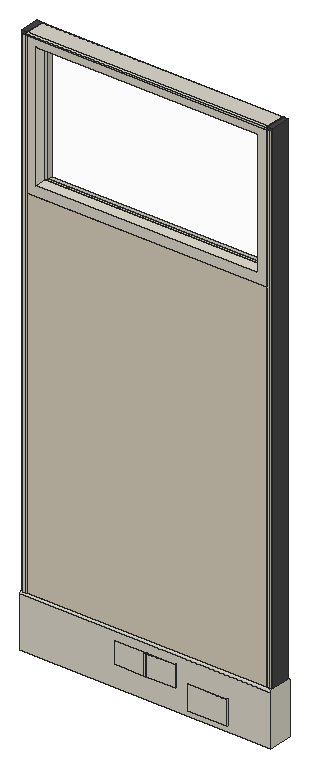
Revit family
Parameters (values of type "53"H x 24"W-G")
  Voltage = 0 V
  URL = "http://www.hermanmiller.com/"
  Trim/Top Cap Finish [instance] = Herman Miller - Finish WL Sandstone
  Top Cap Thickness = 0' - 0 1/4"  # constant formula
  Tag = "53/24G"
  Surface Finish [instance] = Herman Miller - System Fabric 2I03 Grasscloth Sedge
  Socket Visibility Interior Right [instance] = yes
  Socket Visibility Interior Left [instance] = yes
  Socket Visibility Exterior Right [instance] = yes
  Socket Visibility Exterior Left [instance] = yes
  Product Documentation Link = "http://www.hermanmiller.com/actionoffice/"
  Powered = yes
  Power Factor = 1
  Panel Width = 2' - 0"
  Panel Height = 4' - 5"
  OmniClass Title = "Systems Furniture"  # constant formula
  OmniClass Number = "23.40.70.14.64.21"  # constant formula
  Number of Poles = 1
  Trim Thickness = 0' - 0 1/4"  # constant formula
  Panel Thickness = 0' - 2"  # constant formula
  Model Name On [instance] = yes
  Model = "A8164.5324G"
  Manufacturer = "Herman Miller, Inc."  # constant formula
  Glide Height [instance] = 0' - 0 3/8"
  Keynote = ""
  Glass Finish [instance] = Herman Miller - Glass TR Clear
  Electrical Socket Location = 0' - 11 233/256"
  Electrical Connector = yes
  Description = "Panel Partial-Glazed Thin Base 4-Circ W/Rcp & Com Pt Lc 53H 24W"
  Copyright © = "Copyright © Herman Miller, Inc."  # constant formula
  Connector Description = "Electrical Connector Enabled"
  Communication Socket Location = 0' - 4 1/8"
  Communication Port Exterior [instance] = yes
  Communication Port Interior [instance] = yes
  Catalog = "Action Office System (HAO)"  # constant formula
  Cable Management Thickness = Panel Thickness + 0' 0 1/4"  # 0' - 2 1/4"
  Cable Management Finish [instance] = Herman Miller - Finish WL Sandstone
  Assembly Code = "E2020200"
  Apparent Load = 0 VA
Reference planes (in)
  plane 1 "Panel Center (Front/Back)": y = 0
  plane 2 "Base Bottom": z = 0
  plane 3 "Panel Center (Left/Right)": x = 0
  plane 4 "Left": x = -12
  plane 5 "Right": x = 12
  plane 6 "Cable Management Back": y = 1.125
  plane 7 "Cable Management Front": y = -1.125
  plane 8 "Panel Top": z = 53.375
  plane 9 "Base Top": z = 5.375
  plane 10 "Base Curve Bottom": z = 4.875
  plane 11 "Panel Trim Back": y = 1
  plane 12 "Panel Trim Front": y = -1
  plane 13 "Top Cap Thickness": z = 53.125
  plane 14 "Panel Left": x = -11.75
  plane 15 "Panel Right": x = 11.75
  plane 16 "Panel Front": y = -0.875
  plane 17 "Panel Back": y = 0.875
  plane 18 "Left Socket Right": x = 2.91016
  plane 19 "Right Socket Left": x = -2.91016
  plane 20 "Right Socket Right": x = 0.08984
  plane 21 "Left Socket Left": x = -0.08984
  plane 22 "Socket Bottom": z = 2.375
  plane 23 "Socket Top": z = 4.375
  plane 24 "Electrical Socket Front": y = -1.1875
  plane 25 "Electrical Socket Back": y = 1.1875
  plane 26 "Material Top": z = 39.5
  plane 27 "Electrical Socket Left Middle": x = 1.41016
  plane 28 "Electrical Socket Right Middle": x = -1.41016
  plane 29 "Glide Space": z = 0.375
  plane 30 "Left Glide Center (Left/Right)": x = -10.25
  plane 31 "Left Glide Left": x = -10.75
  plane 32 "Left Glide Right": x = -9.75
  plane 33 "Left Glide Inset Left": x = -10.5
  plane 34 "Left Glide Inset Right": x = -10
  plane 35 "Right Glide (Center Left/Right)": x = 10.25
  plane 36 "Right Glide Right": x = 10.75
  plane 37 "Right Glide Left": x = 9.75
  plane 38 "Right Glide Right Inset": x = 10.5
  plane 39 "Right Glide Left Inset": x = 10
  plane 40 "Glide Back": y = 0.5
  plane 41 "Glide Back Inset": y = 0.25
  plane 42 "Glide Front Inset": y = -0.25
  plane 43 "Glide Front": y = -0.5
  plane 44 "Reveal Left": x = -11.5
  plane 45 "Reveal Right": x = 11.5
  plane 46 "Reveal Back": y = 0.9375
  plane 47 "Reveal Front": y = -0.9375
  plane 48 "Panel Trim Right": x = 11.8125
  plane 49 "Panel Trim Left": x = -11.8125
  plane 50 "Communication Port (Front/Left)": x = -7.875
  plane 51 "Communication Port (Front/Right)": x = -4.125
  plane 52 "Communication Port (Back/Right)": x = 7.875
  plane 53 "Communication Port (Back/Left)": x = 4.125
  plane 54 "Glide Inset": z = 0.1875
  plane 55 "Glide Top": z = 4.375
  plane 56 "Communication Bottom": z = 0.875
  plane 57 "Communication Top": z = 3.125
  plane 58 "Tag Bottom": y = 1.875
  plane 59 "Glaze Frame Bottom": z = 40.5
  plane 60 "Glaze Bottom": z = 40.75
  plane 61 "Window Bottom Ledge": z = 39.625
  plane 62 "Glaze Top": z = 52.1875
  plane 63 "Glaze Frame Top": z = 52.4375
  plane 64 "Glaze Right": x = 10.37512
  plane 65 "Glaze Frame Right": x = 10.625
  plane 66 "Glaze Left": x = -10.37484
  plane 67 "Glaze Frame Left": x = -10.62472
  plane 68 "Top Cap Bottom": z = 53.3125
  plane 69 "Glaze Front": y = -0.14038
  plane 70 "Glaze Back": y = 0.14038
  plane 71 "Glaze Symbol Back": y = 4.91007
  plane 72 "Glaze Symbol Front": y = -4.94653
  plane 73 "Glaze Symbol Left": x = -5.3033
  plane 74 "Glaze Symbol Right": x = 5.3033
  plane 75: z = 5.15625
Forms (in)
  Extrusion 1, solid, material "Herman Miller - System Fabric 2I03 Grasscloth Sedge" <- "Surface Finish"
    sketch origin (0, 0, 0) x (0, 1, 0) y (0, 0, 1)
      loop
        line (-0.9375, 5.375) -> (0.9375, 5.375) -> (0.9375, 39.625) -> (-0.9375, 39.625) -> (-0.9375, 5.375)
    from -11.5 to 11.5
  Extrusion 2, solid, material "Herman Miller - Finish WL Sandstone" <- "Cable Management Finish"
    sketch origin (0, 0, 0) x (0, 1, 0) y (0, 0, 1)
      loop
        line (-1.125, 0.375) -> (1.125, 0.375) -> (1.125, 5.15625)
        arc (1.125, 5.15625) -> (1.06093, 5.31093) -> (0.90625, 5.375) r 0.21875
        line (0.90625, 5.375) -> (-0.90625, 5.375)
        arc (-0.90625, 5.375) -> (-1.06093, 5.31093) -> (-1.125, 5.15625) r 0.21875
        line (-1.125, 5.15625) -> (-1.125, 0.375)
    from -12 to 12
  Extrusion 3, solid, material "Herman Miller - Finish WL Sandstone" <- "Cable Management Finish", visible <- "Socket Visibility Interior Right", detail levels fine
    sketch origin (12, 0, 0) x (0, -1, 0) y (0, 0, -1)
      loop
        line (1.125, -2.375) -> (1.125, -4.375) -> (1.1875, -4.375) -> (1.1875, -2.375) -> (1.125, -2.375)
    from -12.08984 to -9.08984
  Extrusion 4, solid, material "Herman Miller - Finish WL Sandstone" <- "Cable Management Finish", visible <- "Socket Visibility Interior Left", detail levels fine
    sketch origin (0.08984, 0, 0) x (0, -1, 0) y (0, 0, -1)
      loop
        line (1.125, -4.375) -> (1.1875, -4.375) -> (1.1875, -2.375) -> (1.125, -2.375) -> (1.125, -4.375)
    from -3 to 0
  Extrusion 5, solid, material "Herman Miller - Finish WL Sandstone" <- "Cable Management Finish", visible <- "Socket Visibility Exterior Left", detail levels fine
    sketch origin (12, 0, 0) x (0, -1, 0) y (0, 0, -1)
      loop
        line (-1.1875, -4.375) -> (-1.125, -4.375) -> (-1.125, -2.375) -> (-1.1875, -2.375) -> (-1.1875, -4.375)
    from -12.08984 to -9.08984
  Extrusion 6, solid, material "Herman Miller - Finish WL Sandstone" <- "Cable Management Finish", visible <- "Socket Visibility Exterior Right", detail levels fine
    sketch origin (12, 0, 0) x (0, -1, 0) y (0, 0, -1)
      loop
        line (-1.125, -4.375) -> (-1.125, -2.375) -> (-1.1875, -2.375) -> (-1.1875, -4.375) -> (-1.125, -4.375)
    from -14.91016 to -11.91016
  Extrusion 7, solid, material "Herman Miller - Finish WL Sandstone" <- "Trim/Top Cap Finish"
    sketch origin (12, 0, 0) x (0, -1, 0) y (0, 0, -1)
      loop
        arc (0.875, -53.375) -> (0.96339, -53.33839) -> (1, -53.25) r 0.125
        line (1, -53.25) -> (1, -53.125) -> (-1, -53.125) -> (-1, -53.25)
        arc (-1, -53.25) -> (-0.96339, -53.33839) -> (-0.875, -53.375) r 0.125
        line (-0.875, -53.375) -> (0.875, -53.375)
    from -23.5 to -0.5
  Extrusion 8, solid, material "Herman Miller - Finish WL Sandstone" <- "Trim/Top Cap Finish", detail levels fine
    sketch origin (0, 0, 53.125) x (-1, 0, 0) y (0, -1, 0)
      loop
        line (11.8125, -1) -> (11.8125, -0.9375) -> (11.5, -0.9375) -> (11.5, -1) -> (11.8125, -1)
      loop
        line (11.8125, 1) -> (11.5, 1) -> (11.5, 0.9375) -> (11.8125, 0.9375) -> (11.8125, 1)
      loop
        line (-11.8125, -1) -> (-11.5, -1) -> (-11.5, -0.9375) -> (-11.8125, -0.9375) -> (-11.8125, -1)
      loop
        line (-11.5, 0.9375) -> (-11.5, 1) -> (-11.8125, 1) -> (-11.8125, 0.9375) -> (-11.5, 0.9375)
    from -47.75 to 0
  Extrusion 9, solid, material "Herman Miller - Finish BK Black"
    sketch origin (0, -0.21306, 53.125) x (-1, 0, 0) y (0, -1, 0)
      loop
        line (12, 0.72444) -> (11.5, 0.72444) -> (11.5, -1.15056) -> (12, -1.15056) -> (12, 0.72444)
      loop
        line (-11.5, -1.15056) -> (-11.5, 0.72444) -> (-12, 0.72444) -> (-12, -1.15056) -> (-11.5, -1.15056)
    from -47.75 to 0.25
  Revolve 10, solid, material "Herman Miller - Finish WL Sandstone" <- "Trim/Top Cap Finish", detail levels fine
    sketch origin (0, 0, 0) x (1, 0, 0) y (0, 0, 1)
      loop
        line (-10.25, 0) -> (-9.75, 0) -> (-9.75, 0.1875) -> (-10, 0.1875) -> (-10, 4.375) -> (-10.25, 4.375) -> (-10.25, 0)
      axis (-10.25, 4.375) -> (-10.25, 0)
    angle from 0 to 360
  Revolve 11, solid, material "Herman Miller - Finish WL Sandstone" <- "Trim/Top Cap Finish", detail levels fine
    sketch origin (0, 0, 0) x (1, 0, 0) y (0, 0, 1)
      loop
        line (10.25, 0) -> (10.75, 0) -> (10.75, 0.1875) -> (10.5, 0.1875) -> (10.5, 4.375) -> (10.25, 4.375) -> (10.25, 0)
      axis (10.25, 4.375) -> (10.25, 0)
    angle from 0 to 360
  Extrusion 12, solid, material "Herman Miller - Finish WL Sandstone" <- "Cable Management Finish", visible <- "Communication Port Interior", detail levels fine
    sketch origin (0, 0, 0) x (1, 0, 0) y (0, 0, 1)
      loop
        line (4.125, 3.125) -> (4.125, 0.875) -> (7.875, 0.875) -> (7.875, 3.125) -> (4.125, 3.125)
    from 1.125 to 1.1875
  Extrusion 13, solid, material "Herman Miller - Finish WL Sandstone" <- "Cable Management Finish", visible <- "Communication Port Exterior", detail levels fine
    sketch origin (0, 0, 0) x (1, 0, 0) y (0, 0, 1)
      loop
        line (-7.875, 0.875) -> (-4.125, 0.875) -> (-4.125, 3.125) -> (-7.875, 3.125) -> (-7.875, 0.875)
    from -1.1875 to -1.125
  Sweep 14, solid, material "Herman Miller - Finish WL Sandstone" <- "Trim/Top Cap Finish", detail levels medium+fine
    path origin (0, 0, 0) x (1, 0, 0) y (0, 0, 1)
      loop
        line (-10.37484, 40.75) -> (10.37512, 40.75) -> (10.37512, 52.1875) -> (-10.37484, 52.1875) -> (-10.37484, 40.75)
    profile origin (0.00014, 0, 40.75) x (0, 0, 1) y (0, -1, 0)
      loop
        line (0, 0.14038) -> (-0.25004, 0.9375) -> (-1.125, 0.9375) -> (-1.125, -0.9375) -> (-0.25004, -0.9375) -> (0, -0.14038) -> (0, 0.14038)
  Extrusion 15, solid, material "Herman Miller - Glass TR Clear" <- "Glass Finish", detail levels medium+fine
    sketch origin (0, 0, 0) x (0, 1, 0) y (0, 0, 1)
      loop
        line (0.14038, 40.75) -> (0.14038, 52.1875) -> (-0.14038, 52.1875) -> (-0.14038, 40.75) -> (0.14038, 40.75)
    from -10.37484 to 10.37512
Lines and regions (in)
  Masking region 1, detail levels medium+fine
    outline origin (0, 0, 5.375) x (-1, 0, 0) y (0, -1, 0)
      loop
        line (12, -1.125) -> (12, 1.125) -> (-12, 1.125) -> (-12, -1.125) -> (12, -1.125)
  Masking region 2
    outline origin (0, 0, 0) x (1, 0, 0) y (0, 0, 1)
      loop
        line (-12, 53.375) -> (-12, 0.375) -> (12, 0.375) -> (12, 53.375) -> (-12, 53.375)
      loop
        line (10.37512, 40.75) -> (10.37512, 52.1875) -> (-10.37484, 52.1875) -> (-10.37484, 40.75) -> (10.37512, 40.75)
  Masking region 3
    outline origin (0, 0, 0) x (0, 1, 0) y (0, 0, 1)
      loop
        line (-1, 5.375) -> (-0.90625, 5.375)
        arc (-0.90625, 5.375) -> (-1.06093, 5.31093) -> (-1.125, 5.15625) r 0.21875
        line (-1.125, 5.15625) -> (-1.125, 0.375) -> (1.125, 0.375) -> (1.125, 5.15625)
        arc (1.125, 5.15625) -> (1.06093, 5.31093) -> (0.90625, 5.375) r 0.21875
        line (0.90625, 5.375) -> (1, 5.375) -> (1, 53.25)
        arc (1, 53.25) -> (0.96339, 53.33839) -> (0.875, 53.375) r 0.125
        line (0.875, 53.375) -> (-0.875, 53.375)
        arc (-0.875, 53.375) -> (-0.96339, 53.33839) -> (-1, 53.25) r 0.125
        line (-1, 53.25) -> (-1, 5.375)
  Masking region 4, detail levels fine
    outline origin (0, 0, 0) x (1, 0, 0) y (0, 0, 1)
      loop
        line (-10.75, 0.1875) -> (-10.75, 0) -> (-9.75, 0) -> (-9.75, 0.1875) -> (-10, 0.1875) -> (-10, 0.875) -> (-10.5, 0.875) -> (-10.5, 0.1875) -> (-10.75, 0.1875)
      loop
        line (9.75, 0) -> (10.75, 0) -> (10.75, 0.1875) -> (10.5, 0.1875) -> (10.5, 0.875) -> (10, 0.875) -> (10, 0.1875) -> (9.75, 0.1875) -> (9.75, 0)
  Masking region 5, detail levels fine
    outline origin (0, 0, 0) x (0, 1, 0) y (0, 0, 1)
      loop
        line (0.5, 0.1875) -> (0.25, 0.1875) -> (0.25, 0.875) -> (-0.25, 0.875) -> (-0.25, 0.1875) -> (-0.5, 0.1875) -> (-0.5, 0) -> (0.5, 0) -> (0.5, 0.1875)
  Masking region 6, visible <- "Communication Port Interior", detail levels fine
    outline origin (0, -1.1875, 0) x (-1, 0, 0) y (0, 0, 1)
      loop
        line (-4.125, 3.125) -> (-7.875, 3.125) -> (-7.875, 0.875) -> (-4.125, 0.875) -> (-4.125, 3.125)
  Masking region 7, visible <- "Communication Port Exterior", detail levels fine
    outline origin (0, 1.1875, 0) x (-1, 0, 0) y (0, 0, 1)
      loop
        line (7.875, 3.125) -> (4.125, 3.125) -> (4.125, 0.875) -> (7.875, 0.875) -> (7.875, 3.125)
  Masking region 8, visible <- "Socket Visibility Exterior Right", detail levels fine
    outline origin (0, 1.1875, 0) x (-1, 0, 0) y (0, 0, 1)
      loop
        line (2.91016, 2.375) -> (2.91016, 4.375) -> (-0.08984, 4.375) -> (-0.08984, 2.375) -> (2.91016, 2.375)
  Masking region 9, visible <- "Socket Visibility Interior Right", detail levels fine
    outline origin (0, -1.1875, 0) x (-1, 0, 0) y (0, 0, 1)
      loop
        line (0.08984, 2.375) -> (0.08984, 4.375) -> (-2.91016, 4.375) -> (-2.91016, 2.375) -> (0.08984, 2.375)
  Masking region 10
    outline origin (0, 0, 53.125) x (-1, 0, 0) y (0, -1, 0)
      loop
        line (12, -1) -> (12, 1) -> (-12, 1) -> (-12, -1) -> (12, -1)
  Masking region 11, visible <- "Socket Visibility Interior Left", detail levels fine
    outline origin (0, -1.1875, 0) x (-1, 0, 0) y (0, 0, 1)
      loop
        line (2.91016, 4.375) -> (-0.08984, 4.375) -> (-0.08984, 2.375) -> (2.91016, 2.375) -> (2.91016, 4.375)
  Masking region 12, visible <- "Socket Visibility Exterior Left", detail levels fine
    outline origin (0, 1.1875, 0) x (-1, 0, 0) y (0, 0, 1)
      loop
        line (-2.91016, 4.375) -> (-2.91016, 2.375) -> (0.08984, 2.375) -> (0.08984, 4.375) -> (-2.91016, 4.375)
  symbolic lines, style "Hard-SurfacedPanel", detail levels medium+fine
    curve 1: line (-12, 1, 53.125) -> (12, 1, 53.125)
    curve 2: line (-12, -1, 53.125) -> (12, -1, 53.125)
    curve 3: line (12, -1, 5.375) -> (12, 1, 5.375)
    curve 7: line (-12, 0, 5.375) -> (12, 0, 5.375)
    curve 10: line (-11.5, 0, 53.125) -> (11.5, 0, 53.125)
    curve 12: line (0, 0.875, 5.375) -> (0, 0.875, 53.375)
    curve 13: line (0, -0.875, 53.375) -> (0, -0.875, 5.375)
    curve 19: line (-12, 1, 5.375) -> (-12, 1.125, 5.375)
    curve 20: line (-12, -1.125, 5.375) -> (-12, -1, 5.375)
    curve 21: line (12, 1, 5.375) -> (12, 1.125, 5.375)
    curve 22: line (12, -1.125, 5.375) -> (12, -1, 5.375)
    curve 26: line (-10.62472, 0, 40.5) -> (-10.62472, 0, 52.4375)
    curve 27: line (10.625, 0, 40.5) -> (-10.62472, 0, 40.5)
    curve 28: line (-10.62472, 0, 52.4375) -> (10.625, 0, 52.4375)
    curve 29: line (10.625, 0, 52.4375) -> (10.625, 0, 40.5)
    curve 30: line (-11.5, 0, 5.375) -> (-11.5, 0, 53.125)
    curve 31: line (-11.5, 0, 39.625) -> (11.5, 0, 39.625)
    curve 32: line (11.5, 0, 53.125) -> (11.5, 0, 5.375)
  symbolic lines, style "Panel Glides", detail levels fine
    curve 4: line (12, -0.5, 0) -> (12, 0.5, 0)
    curve 5: line (9.75, 0, 0) -> (10.75, 0, 0)
    curve 6: line (-10.75, 0, 0) -> (-9.75, 0, 0)
  symbolic lines, style "Hard-SurfacedPanel", detail levels fine
    curve 8: line (11.5, 0, 53.375) -> (11.5, 0, 53.125)
    curve 9: line (-11.5, 0, 53.125) -> (-11.5, 0, 53.375)
    curve 11: line (0, 1, 5.375) -> (0, 1, 53.125)
    curve 14: line (0, -1, 53.125) -> (0, -1, 5.375)
    curve 15: line (0, -1, 53.125) -> (0, -0.875, 53.125)
    curve 17: line (0, 0.875, 53.125) -> (0, 1, 53.125)
    curve 24: line (12, 1, 0) -> (12, -1, 0)
    curve 25: line (-12, 1, 0) -> (-12, -1, 0)
  symbolic lines, style "Power Connector", visible <- "Powered"
    curve 16: line (-12, 0, 53.375) -> (12, 0, 53.375)
  symbolic lines, style "Hard-SurfacedPanel", detail levels coarse+medium
    curve 18: line (-12, 1, 0) -> (-12, -1, 0)
    curve 23: line (12, 1, 5.375) -> (12, -1, 5.375)
  symbolic lines, style "Hard-SurfacedPanel", detail levels coarse
    curve 33: line (-5.3033, -4.94653, 0) -> (5.3033, 4.91007, 0)
Text (in)
  text "Exterior" at (-7.52926, 20.81122, 0), in view "Ref. Level"
  text "Interior" at (-7.52926, -15.28519, 0), in view "Ref. Level"
Dimensions and locks (in)
  locked: plane 9 "Base Top" to plane 10 "Base Curve Bottom" at 0.5
  "Panel Height": plane 8 "Panel Top" to plane 29 "Glide Space"
  equal spacing: plane 4 "Left", plane 3 "Panel Center (Left/Right)", plane 5 "Right"
  "Panel Width": plane 5 "Right" to plane 4 "Left"
  equal spacing: plane 7 "Cable Management Front", plane 1 "Panel Center (Front/Back)", plane 6 "Cable Management Back"
  "Cable Management Thickness": plane 7 "Cable Management Front" to plane 6 "Cable Management Back"
  plane 7 "Cable Management Front" to plane 12 "Panel Trim Front" = 0' - 0 1/8"
  plane 11 "Panel Trim Back" to plane 6 "Cable Management Back" = 0' - 0 1/8"
  "Top Cap Thickness": plane 8 "Panel Top" to plane 13 "Top Cap Thickness"
  locked: plane 12 "Panel Trim Front" to plane 16 "Panel Front" at 0.125
  locked: plane 17 "Panel Back" to plane 11 "Panel Trim Back" at 0.125
  "Trim Thickness": plane 4 "Left" to plane 14 "Panel Left"
  "Trim Thickness": plane 5 "Right" to plane 15 "Panel Right"
  locked: plane 21 "Left Socket Left" to plane 18 "Left Socket Right" at 3
  locked: plane 20 "Right Socket Right" to plane 19 "Right Socket Left" at 3
  locked: plane 6 "Cable Management Back" to plane 25 "Electrical Socket Back" at 0.0625
  locked: plane 24 "Electrical Socket Front" to plane 7 "Cable Management Front" at 0.0625
  equal spacing: plane 21 "Left Socket Left", plane 27 "Electrical Socket Left Middle", plane 18 "Left Socket Right"
  equal spacing: plane 20 "Right Socket Right", plane 28 "Electrical Socket Right Middle", plane 19 "Right Socket Left"
  "Glide Height": plane 29 "Glide Space" to plane 2 "Base Bottom"
  locked: plane 9 "Base Top" to plane 29 "Glide Space" at 5
  locked: plane 4 "Left" to plane 30 "Left Glide Center (Left/Right)" at 1.75
  locked: plane 31 "Left Glide Left" to plane 30 "Left Glide Center (Left/Right)" at 0.5
  equal spacing: plane 31 "Left Glide Left", plane 30 "Left Glide Center (Left/Right)", plane 32 "Left Glide Right"
  equal spacing: plane 33 "Left Glide Inset Left", plane 30 "Left Glide Center (Left/Right)", plane 34 "Left Glide Inset Right"
  locked: plane 36 "Right Glide Right" to plane 35 "Right Glide (Center Left/Right)" at 0.5
  equal spacing: plane 36 "Right Glide Right", plane 35 "Right Glide (Center Left/Right)", plane 37 "Right Glide Left"
  equal spacing: plane 38 "Right Glide Right Inset", plane 35 "Right Glide (Center Left/Right)", plane 39 "Right Glide Left Inset"
  locked: plane 5 "Right" to plane 35 "Right Glide (Center Left/Right)" at 1.75
  equal spacing: plane 43 "Glide Front", plane 1 "Panel Center (Front/Back)", plane 40 "Glide Back"
  locked: plane 43 "Glide Front" to plane 40 "Glide Back" at 1
  equal spacing: plane 42 "Glide Front Inset", plane 1 "Panel Center (Front/Back)", plane 41 "Glide Back Inset"
  locked: plane 1 "Panel Center (Front/Back)" to plane 41 "Glide Back Inset" at 0.25
  locked: plane 31 "Left Glide Left" to plane 33 "Left Glide Inset Left" at 0.25
  locked: plane 36 "Right Glide Right" to plane 38 "Right Glide Right Inset" at 0.25
  equal spacing: plane 46 "Reveal Back", plane 1 "Panel Center (Front/Back)", plane 47 "Reveal Front"
  locked: plane 46 "Reveal Back" to plane 47 "Reveal Front" at 1.875
  locked: plane 57 "Communication Top" to plane 56 "Communication Bottom" at 2.25
  locked: plane 56 "Communication Bottom" to plane 29 "Glide Space" at 0.5
  locked: plane 23 "Socket Top" to plane 22 "Socket Bottom" at 2
  locked: plane 22 "Socket Bottom" to plane 29 "Glide Space" at 2
  locked: plane 50 "Communication Port (Front/Left)" to plane 51 "Communication Port (Front/Right)" at 3.75
  locked: plane 53 "Communication Port (Back/Left)" to plane 52 "Communication Port (Back/Right)" at 3.75
  locked: plane 5 "Right" to plane 48 "Panel Trim Right" at 0.1875
  locked: plane 4 "Left" to plane 49 "Panel Trim Left" at 0.1875
  locked: plane 44 "Reveal Left" to plane 49 "Panel Trim Left" at 0.3125
  locked: plane 45 "Reveal Right" to plane 48 "Panel Trim Right" at 0.3125
  locked: plane 58 "Tag Bottom" to plane 25 "Electrical Socket Back" at 0.6875
  locked: plane 4 "Left" to plane 67 "Glaze Frame Left" at 1.37528
  locked: plane 4 "Left" to plane 66 "Glaze Left" at 1.62516
  locked: plane 5 "Right" to plane 65 "Glaze Frame Right" at 1.375
  locked: plane 5 "Right" to plane 64 "Glaze Right" at 1.62488
  locked: plane 8 "Panel Top" to plane 63 "Glaze Frame Top" at 0.9375
  locked: plane 8 "Panel Top" to plane 62 "Glaze Top" at 1.1875
  locked: plane 8 "Panel Top" to plane 60 "Glaze Bottom" at 12.625
  locked: plane 60 "Glaze Bottom" to plane 59 "Glaze Frame Bottom" at 0.25
  locked: plane 59 "Glaze Frame Bottom" to plane 61 "Window Bottom Ledge" at 0.875
  locked: plane 61 "Window Bottom Ledge" to plane 26 "Material Top" at 0.125
  locked: plane 8 "Panel Top" to plane 68 "Top Cap Bottom" at 0.0625
  locked: plane 70 "Glaze Back" to plane 69 "Glaze Front" at 0.28077
  equal spacing: plane 70 "Glaze Back", plane 1 "Panel Center (Front/Back)", plane 69 "Glaze Front"
  locked: plane 71 "Glaze Symbol Back" to plane 58 "Tag Bottom" at 3.03507
  locked: plane 72 "Glaze Symbol Front" to plane 24 "Electrical Socket Front" at 3.75903
  locked: plane 3 "Panel Center (Left/Right)" to plane 74 "Glaze Symbol Right" at 5.3033
  locked: plane 73 "Glaze Symbol Left" to plane 3 "Panel Center (Left/Right)" at 5.3033
  locked: plane 9 "Base Top" to plane 75 at 0.21875
  "Electrical Socket Location": plane 4 "Left" to plane 21 "Left Socket Left"
  "Electrical Socket Location": plane 5 "Right" to plane 20 "Right Socket Right"
  "Communication Socket Location": plane 5 "Right" to plane 52 "Communication Port (Back/Right)"
  "Communication Socket Location": plane 4 "Left" to plane 50 "Communication Port (Front/Left)"
  aligned and locked: plane 4 "Left" to Extrusion 2
  aligned and locked: plane 5 "Right" to Extrusion 2
  aligned and locked: Extrusion 1 sketch curve to plane 9 "Base Top"
  aligned and locked: Extrusion 3 sketch curve to plane 23 "Socket Top"
  aligned and locked: plane 22 "Socket Bottom" to Extrusion 3 sketch curve
  aligned and locked: plane 7 "Cable Management Front" to Extrusion 3 sketch curve
  aligned and locked: Extrusion 4 to plane 19 "Right Socket Left"
  aligned and locked: plane 20 "Right Socket Right" to Extrusion 4
  aligned and locked: plane 23 "Socket Top" to Extrusion 4 sketch curve
  aligned and locked: Extrusion 4 sketch curve to plane 22 "Socket Bottom"
  aligned and locked: Extrusion 4 sketch curve to plane 7 "Cable Management Front"
  aligned and locked: plane 24 "Electrical Socket Front" to Extrusion 4 sketch curve
  aligned and locked: plane 24 "Electrical Socket Front" to Extrusion 3 sketch curve
  aligned and locked: plane 25 "Electrical Socket Back" to Extrusion 5 sketch curve
  aligned and locked: plane 23 "Socket Top" to Extrusion 5 sketch curve
  aligned and locked: Extrusion 5 sketch curve to plane 6 "Cable Management Back"
  aligned and locked: Extrusion 5 sketch curve to plane 22 "Socket Bottom"
  aligned and locked: plane 21 "Left Socket Left" to Extrusion 5
  aligned and locked: Extrusion 5 to plane 18 "Left Socket Right"
  aligned and locked: Extrusion 6 sketch curve to plane 23 "Socket Top"
  aligned and locked: plane 6 "Cable Management Back" to Extrusion 6 sketch curve
  aligned and locked: plane 22 "Socket Bottom" to Extrusion 6 sketch curve
  aligned and locked: Extrusion 6 sketch curve to plane 25 "Electrical Socket Back"
  aligned and locked: Extrusion 6 to plane 19 "Right Socket Left"
  aligned and locked: plane 20 "Right Socket Right" to Extrusion 6
  aligned and locked: plane 21 "Left Socket Left" to Extrusion 3
  aligned and locked: Extrusion 3 to plane 18 "Left Socket Right"
  aligned and locked: Extrusion 7 sketch curve to plane 11 "Panel Trim Back"
  aligned and locked: Extrusion 7 sketch curve to plane 8 "Panel Top"
  aligned and locked: Extrusion 7 sketch curve to plane 12 "Panel Trim Front"
  aligned and locked: plane 13 "Top Cap Thickness" to Extrusion 7 sketch curve
  aligned and locked: Masking region 1 sketch curve to plane 5 "Right"
  aligned and locked: Masking region 1 sketch curve to plane 4 "Left"
  aligned and locked: Masking region 1 sketch curve to plane 6 "Cable Management Back"
  aligned and locked: Masking region 1 sketch curve to plane 7 "Cable Management Front"
  aligned and locked: plane 5 "Right" to curve 1
  aligned and locked: plane 5 "Right" to curve 2
  aligned and locked: curve 1 to plane 11 "Panel Trim Back"
  aligned and locked: plane 12 "Panel Trim Front" to curve 2
  aligned and locked: plane 11 "Panel Trim Back" to curve 3
  aligned and locked: plane 12 "Panel Trim Front" to curve 3
  aligned and locked: curve 3 to plane 9 "Base Top"
  aligned and locked: Masking region 2 sketch curve to plane 5 "Right"
  aligned and locked: Masking region 2 sketch curve to plane 4 "Left"
  aligned and locked: Masking region 2 sketch curve to plane 8 "Panel Top"
  aligned and locked: plane 4 "Left" to curve 1
  aligned and locked: plane 4 "Left" to curve 2
  aligned and locked: Extrusion 4 to plane 7 "Cable Management Front"
  aligned and locked: Extrusion 3 to plane 7 "Cable Management Front"
  aligned and locked: Extrusion 6 to plane 6 "Cable Management Back"
  aligned and locked: Extrusion 5 to plane 6 "Cable Management Back"
  aligned and locked: Extrusion 2 sketch curve to plane 29 "Glide Space"
  aligned and locked: plane 29 "Glide Space" to Masking region 2 sketch curve
  aligned and locked: plane 29 "Glide Space" to Masking region 3 sketch curve
  aligned and locked: plane 40 "Glide Back" to curve 4
  aligned and locked: plane 43 "Glide Front" to curve 4
  aligned and locked: plane 36 "Right Glide Right" to curve 5
  aligned and locked: plane 37 "Right Glide Left" to curve 5
  aligned and locked: plane 32 "Left Glide Right" to curve 6
  aligned and locked: plane 31 "Left Glide Left" to curve 6
  aligned and locked: plane 5 "Right" to curve 7
  aligned and locked: plane 4 "Left" to curve 7
  aligned and locked: curve 7 to plane 9 "Base Top"
  aligned and locked: Extrusion 4 to Extrusion 3
  aligned and locked: Extrusion 4 to Extrusion 2
  aligned and locked: Extrusion 1 to plane 44 "Reveal Left"
  aligned and locked: Extrusion 1 to plane 45 "Reveal Right"
  aligned and locked: Extrusion 8 sketch curve to plane 49 "Panel Trim Left"  (x2)
  aligned and locked: Extrusion 8 sketch curve to plane 44 "Reveal Left"  (x2)
  aligned and locked: plane 48 "Panel Trim Right" to Extrusion 8 sketch curve  (x2)
  aligned and locked: plane 45 "Reveal Right" to Extrusion 8 sketch curve  (x2)
  aligned and locked: Extrusion 9 sketch curve to plane 44 "Reveal Left"
  aligned and locked: plane 45 "Reveal Right" to Extrusion 9 sketch curve
  aligned and locked: Extrusion 8 to plane 9 "Base Top"
  aligned and locked: Extrusion 9 to plane 9 "Base Top"
  aligned and locked: plane 13 "Top Cap Thickness" to Extrusion 8
  aligned and locked: curve 8 to Extrusion 8
  aligned and locked: Revolve 10 sketch curve to level
  aligned and locked: Revolve 10 sketch curve to plane 54 "Glide Inset"
  aligned and locked: Revolve 10 sketch curve to plane 30 "Left Glide Center (Left/Right)"
  aligned and locked: plane 34 "Left Glide Inset Right" to Revolve 10 sketch curve
  aligned and locked: plane 32 "Left Glide Right" to Revolve 10 sketch curve
  aligned and locked: Revolve 10 sketch curve to plane 55 "Glide Top"
  aligned and locked: plane 35 "Right Glide (Center Left/Right)" to Revolve 11 sketch curve
  aligned and locked: Revolve 11 sketch curve to plane 54 "Glide Inset"
  aligned and locked: Revolve 11 sketch curve to level
  aligned and locked: plane 36 "Right Glide Right" to Revolve 11 sketch curve
  aligned and locked: plane 38 "Right Glide Right Inset" to Revolve 11 sketch curve
  aligned and locked: Revolve 11 sketch curve to plane 55 "Glide Top"
  aligned and locked: Revolve 11 sketch curve to plane 35 "Right Glide (Center Left/Right)"
  aligned and locked: Extrusion 12 to Extrusion 3
  aligned and locked: Extrusion 12 to plane 7 "Cable Management Front"
  aligned and locked: plane 25 "Electrical Socket Back" to Extrusion 13
  aligned and locked: Extrusion 13 to plane 6 "Cable Management Back"
  aligned and locked: plane 55 "Glide Top" to plane 23 "Socket Top"
  aligned and locked: Masking region 4 sketch curve to plane 54 "Glide Inset"
  aligned and locked: Masking region 4 sketch curve to level
  aligned and locked: Masking region 4 sketch curve to plane 31 "Left Glide Left"
  aligned and locked: plane 32 "Left Glide Right" to Masking region 4 sketch curve
  aligned and locked: plane 34 "Left Glide Inset Right" to Masking region 4 sketch curve
  aligned and locked: Masking region 4 sketch curve to plane 33 "Left Glide Inset Left"
  aligned and locked: Masking region 4 sketch curve to plane 37 "Right Glide Left"
  aligned and locked: plane 36 "Right Glide Right" to Masking region 4 sketch curve
  aligned and locked: Masking region 4 sketch curve to plane 39 "Right Glide Left Inset"
  aligned and locked: plane 38 "Right Glide Right Inset" to Masking region 4 sketch curve
  aligned and locked: Masking region 4 sketch curve to plane 56 "Communication Bottom"  (x2)
  aligned and locked: plane 54 "Glide Inset" to Masking region 5 sketch curve
  aligned and locked: level to Masking region 5 sketch curve
  aligned and locked: plane 56 "Communication Bottom" to Masking region 5 sketch curve
  aligned and locked: plane 40 "Glide Back" to Masking region 5 sketch curve
  aligned and locked: plane 43 "Glide Front" to Masking region 5 sketch curve
  aligned and locked: plane 42 "Glide Front Inset" to Masking region 5 sketch curve
  aligned and locked: plane 41 "Glide Back Inset" to Masking region 5 sketch curve
  aligned and locked: plane 19 "Right Socket Left" to Masking region 8 sketch curve
  aligned and locked: plane 20 "Right Socket Right" to Masking region 8 sketch curve
  aligned and locked: Masking region 9 sketch curve to plane 18 "Left Socket Right"
  aligned and locked: Masking region 9 sketch curve to plane 55 "Glide Top"
  aligned and locked: Masking region 9 sketch curve to plane 22 "Socket Bottom"
  aligned and locked: plane 5 "Right" to Masking region 2
  aligned and locked: plane 5 "Right" to Extrusion 9  (x4)
  aligned and locked: plane 4 "Left" to Extrusion 9
  aligned and locked: plane 4 "Left" to Masking region 2
  aligned and locked: Extrusion 9 to plane 4 "Left"
  aligned and locked: nested 1 to plane 58 "Tag Bottom"
  aligned and locked: plane 3 "Panel Center (Left/Right)" to nested 1
  aligned and locked: Masking region 10 sketch curve to plane 5 "Right"
  aligned and locked: Masking region 10 sketch curve to plane 11 "Panel Trim Back"
  aligned and locked: plane 12 "Panel Trim Front" to Masking region 10 sketch curve
  aligned and locked: plane 4 "Left" to Masking region 10
  aligned and locked: plane 4 "Left" to Masking region 10 sketch curve
  aligned and locked: Masking region 3 sketch curve to Extrusion 7  (x2)
  aligned and locked: Extrusion 7 to plane 44 "Reveal Left"
  aligned and locked: Extrusion 7 to plane 45 "Reveal Right"
  aligned and locked: plane 8 "Panel Top" to Extrusion 9
  aligned and locked: Extrusion 7 to plane 13 "Top Cap Thickness"
  aligned and locked: plane 13 "Top Cap Thickness" to curve 17
  aligned and locked: plane 17 "Panel Back" to curve 17
  aligned and locked: plane 16 "Panel Front" to curve 15
  aligned and locked: plane 44 "Reveal Left" to Extrusion 9  (x4)
  aligned and locked: plane 45 "Reveal Right" to Extrusion 9  (x4)
  aligned and locked: plane 8 "Panel Top" to curve 9
  aligned and locked: plane 13 "Top Cap Thickness" to curve 15
  aligned and locked: plane 44 "Reveal Left" to curve 9
  aligned and locked: Extrusion 8 sketch curve to plane 46 "Reveal Back"  (x2)
  aligned and locked: Extrusion 8 sketch curve to plane 11 "Panel Trim Back"  (x2)
  aligned and locked: plane 44 "Reveal Left" to Extrusion 8 sketch curve
  aligned and locked: plane 12 "Panel Trim Front" to Extrusion 8 sketch curve  (x2)
  aligned and locked: plane 47 "Reveal Front" to Extrusion 8 sketch curve  (x2)
  aligned and locked: plane 46 "Reveal Back" to Extrusion 9  (x3)
  aligned and locked: plane 47 "Reveal Front" to Extrusion 9  (x4)
  aligned and locked: Extrusion 8 to plane 47 "Reveal Front"  (x2)
  aligned and locked: Extrusion 1 sketch curve to plane 47 "Reveal Front"
  aligned and locked: Extrusion 1 sketch curve to plane 46 "Reveal Back"
  aligned and locked: plane 1 "Panel Center (Front/Back)" to curve 16
  aligned and locked: plane 25 "Electrical Socket Back" to Extrusion 5
  aligned and locked: Extrusion 9 sketch curve to plane 46 "Reveal Back"
  aligned and locked: plane 47 "Reveal Front" to Extrusion 9 sketch curve
  aligned and locked: plane 55 "Glide Top" to Extrusion 3
  aligned and locked: plane 55 "Glide Top" to Extrusion 4
  aligned and locked: Extrusion 4 to plane 22 "Socket Bottom"
  aligned and locked: plane 19 "Right Socket Left" to Masking region 8
  aligned and locked: Extrusion 6 to plane 22 "Socket Bottom"
  aligned and locked: plane 55 "Glide Top" to Extrusion 6
  aligned and locked: plane 55 "Glide Top" to Revolve 11  (x2)
  aligned and locked: plane 19 "Right Socket Left" to Extrusion 4  (x2)
  aligned and locked: Extrusion 12 to plane 57 "Communication Top"  (x2)
  aligned and locked: plane 55 "Glide Top" to Extrusion 5
  aligned and locked: Masking region 8 to plane 55 "Glide Top"
  aligned and locked: Extrusion 3 to plane 22 "Socket Bottom"
  aligned and locked: plane 18 "Left Socket Right" to Masking region 9
  aligned and locked: plane 33 "Left Glide Inset Left" to Masking region 4
  aligned and locked: plane 57 "Communication Top" to Masking region 6
  aligned and locked: Extrusion 1 to plane 9 "Base Top"
  aligned and locked: plane 9 "Base Top" to Extrusion 8  (x2)
  aligned and locked: Extrusion 4 to plane 55 "Glide Top"
  aligned and locked: Masking region 9 to plane 55 "Glide Top"
  aligned and locked: plane 55 "Glide Top" to Revolve 10
  aligned and locked: plane 57 "Communication Top" to Masking region 7
  aligned and locked: curve 19 to plane 4 "Left"
  aligned and locked: curve 20 to plane 4 "Left"
  aligned and locked: plane 4 "Left" to Masking region 1
  aligned and locked: Extrusion 2 to plane 4 "Left"  (x4)
  aligned and locked: plane 4 "Left" to curve 18
  aligned and locked: plane 12 "Panel Trim Front" to Extrusion 8  (x4)
  aligned and locked: plane 12 "Panel Trim Front" to Masking region 10
  aligned and locked: plane 11 "Panel Trim Back" to Extrusion 8  (x2)
  aligned and locked: plane 11 "Panel Trim Back" to Extrusion 7
  aligned and locked: plane 46 "Reveal Back" to Extrusion 1
  aligned and locked: plane 47 "Reveal Front" to Extrusion 1
  aligned and locked: plane 5 "Right" to curve 22
  aligned and locked: plane 5 "Right" to Masking region 1
  aligned and locked: Extrusion 2 to plane 5 "Right"
  aligned and locked: curve 23 to plane 5 "Right"
  aligned and locked: plane 11 "Panel Trim Back" to Masking region 10
  aligned and locked: Extrusion 8 to plane 46 "Reveal Back"  (x2)
  aligned and locked: curve 14 to plane 12 "Panel Trim Front"
  aligned and locked: curve 13 to plane 16 "Panel Front"
  aligned and locked: curve 12 to plane 17 "Panel Back"
  aligned and locked: curve 11 to plane 11 "Panel Trim Back"
  aligned and locked: plane 61 "Window Bottom Ledge" to Extrusion 1
  aligned and locked: Sweep 14 sketch curve to plane 60 "Glaze Bottom"
  aligned and locked: Sweep 14 sketch curve to plane 66 "Glaze Left"
  aligned and locked: Sweep 14 sketch curve to plane 62 "Glaze Top"
  aligned and locked: plane 64 "Glaze Right" to Sweep 14 sketch curve
  aligned and locked: plane 61 "Window Bottom Ledge" to Sweep 14 sketch curve
  aligned and locked: plane 60 "Glaze Bottom" to Extrusion 15 sketch curve
  aligned and locked: plane 69 "Glaze Front" to Extrusion 15 sketch curve
  aligned and locked: plane 70 "Glaze Back" to Extrusion 15 sketch curve
  aligned and locked: plane 62 "Glaze Top" to Extrusion 15 sketch curve
  aligned and locked: plane 66 "Glaze Left" to Extrusion 15
  aligned and locked: plane 64 "Glaze Right" to Extrusion 15
  aligned and locked: curve 30 to Extrusion 8
  aligned and locked: curve 31 to Sweep 14
  aligned and locked: curve 32 to Extrusion 8
  aligned and locked: plane 74 "Glaze Symbol Right" to curve 33
  aligned and locked: plane 71 "Glaze Symbol Back" to curve 33
  aligned and locked: plane 72 "Glaze Symbol Front" to curve 33
  aligned and locked: plane 73 "Glaze Symbol Left" to curve 33
  aligned and locked: plane 46 "Reveal Back" to Sweep 14 sketch curve  (x2)
  aligned and locked: Sweep 14 sketch curve to plane 47 "Reveal Front"
  aligned and locked: plane 47 "Reveal Front" to Sweep 14 sketch curve
  aligned and locked: plane 69 "Glaze Front" to Sweep 14 sketch curve
  aligned and locked: plane 70 "Glaze Back" to Sweep 14 sketch curve
  aligned and locked: profile plane to Sweep 14 sketch curve  (x2)
  aligned and locked: Masking region 3 sketch curve to plane 7 "Cable Management Front"
  aligned and locked: Extrusion 2 sketch curve to plane 7 "Cable Management Front"
  aligned and locked: plane 6 "Cable Management Back" to Extrusion 2 sketch curve  (x2)
  aligned and locked: plane 9 "Base Top" to Extrusion 2 sketch curve  (x2)
  aligned and locked: plane 7 "Cable Management Front" to Extrusion 2 sketch curve
  aligned and locked: plane 9 "Base Top" to Masking region 3 sketch curve  (x2)
  aligned and locked: plane 6 "Cable Management Back" to Masking region 3 sketch curve
  aligned and locked: plane 7 "Cable Management Front" to Masking region 3 sketch curve
  aligned and locked: plane 4 "Left" to curve 25
  aligned and locked: curve 24 to plane 5 "Right"
  aligned and locked: Masking region 9 sketch curve to plane 21 "Left Socket Left"
  aligned and locked: plane 19 "Right Socket Left" to Masking region 11 sketch curve
  aligned and locked: Masking region 11 sketch curve to plane 55 "Glide Top"
  aligned and locked: Masking region 11 sketch curve to plane 20 "Right Socket Right"
  aligned and locked: plane 22 "Socket Bottom" to Masking region 11 sketch curve
  aligned and locked: plane 18 "Left Socket Right" to Masking region 12 sketch curve
  aligned and locked: plane 22 "Socket Bottom" to Masking region 12 sketch curve
  aligned and locked: Masking region 12 sketch curve to plane 21 "Left Socket Left"
  aligned and locked: Masking region 12 sketch curve to plane 55 "Glide Top"
  aligned and locked: curve 29 to plane 65 "Glaze Frame Right"
  aligned and locked: curve 26 to plane 67 "Glaze Frame Left"
  aligned and locked: curve 28 to plane 63 "Glaze Frame Top"
  aligned and locked: plane 59 "Glaze Frame Bottom" to curve 27
  aligned and locked: Masking region 2 sketch curve to plane 62 "Glaze Top"
  aligned and locked: Masking region 2 sketch curve to plane 66 "Glaze Left"
  aligned and locked: plane 60 "Glaze Bottom" to Masking region 2 sketch curve
  aligned and locked: Masking region 2 sketch curve to plane 64 "Glaze Right"
  aligned and locked: curve 10 to plane 13 "Top Cap Thickness"
  aligned and locked: plane 52 "Communication Port (Back/Right)" to Extrusion 12 sketch curve
  aligned and locked: plane 53 "Communication Port (Back/Left)" to Extrusion 12 sketch curve
  aligned and locked: Extrusion 12 sketch curve to plane 56 "Communication Bottom"
  aligned and locked: plane 57 "Communication Top" to Extrusion 12 sketch curve
  aligned and locked: Extrusion 13 sketch curve to plane 50 "Communication Port (Front/Left)"
  aligned and locked: Extrusion 13 sketch curve to plane 51 "Communication Port (Front/Right)"
  aligned and locked: plane 57 "Communication Top" to Extrusion 13 sketch curve
  aligned and locked: Extrusion 13 sketch curve to plane 56 "Communication Bottom"
  aligned and locked: Masking region 7 sketch curve to plane 50 "Communication Port (Front/Left)"
  aligned and locked: plane 52 "Communication Port (Back/Right)" to Masking region 6 sketch curve
  aligned and locked: plane 53 "Communication Port (Back/Left)" to Masking region 6 sketch curve
  aligned and locked: plane 57 "Communication Top" to Masking region 6 sketch curve
  aligned and locked: Masking region 6 sketch curve to plane 56 "Communication Bottom"
  aligned and locked: plane 57 "Communication Top" to Masking region 7 sketch curve
  aligned and locked: Masking region 7 sketch curve to plane 56 "Communication Bottom"
  aligned and locked: Masking region 7 sketch curve to plane 51 "Communication Port (Front/Right)"
Automatic sketch dimensions
  plane 8 "Panel Top" to Extrusion 7 sketch curve = 0' - 0 1/8"
  plane 12 "Panel Trim Front" to Extrusion 7 sketch curve = 0' - 0 1/8"
  plane 17 "Panel Back" to Extrusion 9 sketch curve = 0' - 0 1/16"
  plane 16 "Panel Front" to Extrusion 9 sketch curve = 0' - 0 1/16"
  curve 4 to level = 0' - 0"
  Revolve 10 sketch curve to plane 10 "Base Curve Bottom" = 0' - 0"
  Revolve 10 sketch curve to plane 30 "Left Glide Center (Left/Right)" = 0' - 0"
  Revolve 10 sketch curve to level = 0' - 0 3/8"
  Revolve 11 sketch curve to level = 0' - 0.22708"
  Revolve 11 sketch curve to Revolve 11 sketch curve = 0' - 0.14792"
  Masking region 4 sketch curve to level = 0' - 0"
  Masking region 4 sketch curve to plane 54 "Glide Inset" = 0' - 0"  (x3)
  Masking region 5 sketch curve to Masking region 5 sketch curve = 0' - 0"
  Masking region 8 sketch curve to plane 22 "Socket Bottom" = 0' - 0"
  Masking region 8 sketch curve to plane 23 "Socket Top" = 0' - 0"
  Extrusion 9 sketch curve to plane 5 "Right" = 0' - 0"
  curve 16 to plane 5 "Right" = 0' - 0"
  curve 16 to plane 4 "Left" = 0' - 0"
  curve 14 to plane 9 "Base Top" = 0' - 0"
  curve 13 to plane 9 "Base Top" = 0' - 0"
  curve 12 to plane 9 "Base Top" = 0' - 0"
  curve 11 to plane 9 "Base Top" = 0' - 0"
  curve 12 to plane 8 "Panel Top" = 0' - 0"
  curve 13 to plane 8 "Panel Top" = 0' - 0"
  Extrusion 9 sketch curve to plane 4 "Left" = 0' - 0"
  curve 19 to plane 6 "Cable Management Back" = 0' - 0"
  curve 21 to plane 6 "Cable Management Back" = 0' - 0"
  curve 23 to plane 11 "Panel Trim Back" = 0' - 0"
  curve 19 to plane 11 "Panel Trim Back" = 0' - 0"
  curve 23 to plane 12 "Panel Trim Front" = 0' - 0"
  curve 20 to plane 12 "Panel Trim Front" = 0' - 0"
  curve 20 to plane 7 "Cable Management Front" = 0' - 0"
  curve 22 to plane 7 "Cable Management Front" = 0' - 0"
  Extrusion 1 sketch curve to plane 60 "Glaze Bottom" = 0' - 1 1/8"
  curve 24 to plane 12 "Panel Trim Front" = 0' - 0"
  curve 18 to plane 12 "Panel Trim Front" = 0' - 0"
  curve 25 to plane 12 "Panel Trim Front" = 0' - 0"
  curve 18 to plane 11 "Panel Trim Back" = 0' - 0"
  curve 25 to plane 11 "Panel Trim Back" = 0' - 0"
  curve 24 to plane 11 "Panel Trim Back" = 0' - 0"
  profile plane to Sweep 14 sketch curve = 0' - 0.25004"  (x2)
  Extrusion 2 sketch curve to plane 75 = 0' - 0"  (x2)
  Masking region 3 sketch curve to plane 75 = 0' - 0"  (x2)
  curve 30 to plane 44 "Reveal Left" = 0' - 0"
  curve 10 to plane 45 "Reveal Right" = 0' - 0"
  curve 8 to plane 8 "Panel Top" = 0' - 0"
  curve 8 to plane 45 "Reveal Right" = 0' - 0"
  curve 5 to level = 0' - 0"
  curve 6 to level = 0' - 0"
Nested families (in)
  nested 1: "Label 1-16" at (0, 1.875, 0), visible <- "Model Name On", type "Model Name", detail levels coarse
Definition of nested family "Label 1-16"
  Parameters (values of type "Model Name")
    Width = 0' - 0 47/64"
    Model Name = "H39/12G"
  Reference planes (in)
    plane 1: y = 0
    plane 2: x = 0
  Text (in)
    label "XX" at (-0.00532, -0.00012, 0), shows "Model Name"
